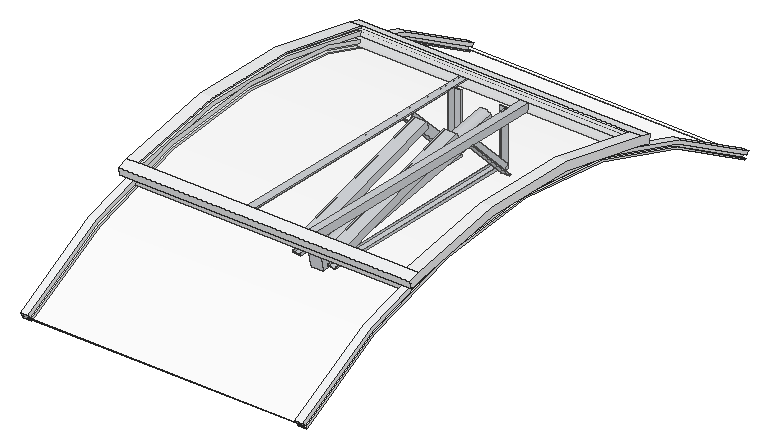
Revit family "Aluco Skylight AIR (pl)", category Modele ogólne, Revit 2020
Family settings
  Może być obiektem nadrzędnym dla zbrojenia = Nie
  Wymiar okrągłego złącza = Użyj średnicy
  Typ części = Normalny
  Numer OmniClass = 23.60.70.14.11
  Tytuł OmniClass = Smoke Dampers
  Oparty na płaszczyźnie roboczej = Tak
  Zawsze pionowo = Nie
  Tnij formami wycięć po wczytaniu = Tak
  Współdzielony = Nie
  Punkt obliczania pomieszczeń = Nie
Parameters (values of type "z napędem elektrycznym")
  Zasilanie = 230 V
  Wyłączniki krańcowe [instance] = no
  Wysuw siłownika (wariant) [instance] = 1
  Wysuw siłownika [instance] = if([Wysuw siłownika (wariant)] < 2, "300mm", if([Wysuw siłownika (wariant)] < 3, "500mm", "700mm"))  # "300mm"
  Wysokość podstawy [instance] = 300 mm
  Współczynnik przenikania ciepła [instance] = "Do weryfikacji po kontakcie z Producentem"  # constant formula
  Uwaga [instance] = if(or([Rozpiętość klapy (A)] > 2500 mm, [Rozpiętość klapy (A)] < 1000 mm, [Szerokość klapy (B)] > 2500 mm, [Szerokość klapy (B)] < 1000 mm), "Przekroczono zalecane wymiary Producenta", "-")  # "-"
  URL produktu = "https://aluco.com.pl/oferta/swietliki-dachowe/swietliki-lukowe-aluco-skylight-sl/"
  URL = "https://aluco.com.pl/"
  Szerokość klapy (B) [instance] = 1000 mm
  Siatka ochronna przeciw ptakom [instance] = no
  Rozpiętość świetlika [instance] = 2000 mm
  Rozpiętość klapy (A) [instance] = 1000 mm
  Rozpiętość [instance] = "od 1000 mm x 1000 mm do 2500 mm x 2500 mm"  # constant formula
  Rodzaj napędu = "napęd elektryczny"
  Promień gięcia' [instance] = Promień gięcia - 5 mm  # 1745 mm
  Promień gięcia" [instance] = Promień gięcia + Grubość płyty + 13 mm  # 1773 mm
  Promień gięcia [instance] = 175 * Grubość płyty  # 1750 mm
  Profile montażowe [instance] = yes
  Producent = "ALUCO SYSTEM SP. Z O.O"  # constant formula
  Opis = "Klapy do wentylacji codziennej dedykowane do świetlików łukowych"  # constant formula
  Odporność na obciążenie odrywające = "UL 1500"  # constant formula
  Odporność na obciążenie dociskające = "DL 2500"  # constant formula
  Obraz typu = ALUCO SKYLIGHT AIR.png
  Model = "Skylight AIR"  # constant formula
  Materiał płyt = Aluco - poliwęglan
  Materiał profili = Aluco - aluminium
  Kraty antyupadkowe ALUCO SAFETY GRID [instance] = no
  Komentarze do typu = "Klapa wentylacyjna"
  Klasa bezpieczeństwa przed upadkiem z wysokości = "SB 1200"  # constant formula
  Klasa bezpieczeństwa pożarowego = "BRoof (t1)"  # constant formula
  Karta katalogowa [instance] = "https://aluco.com.pl/download/AlucoSkylight.pdf"
  Ilość profili łukowych [instance] = 2  # constant formula
  IfcExportAs = "\"IfcWindowType\""
  Grubość wypełnienia (wariant) [instance] = 1
  Grubość płyty [instance] = if([Grubość wypełnienia (wariant)] < 3, 10 mm, if([Grubość wypełnienia (wariant)] < 5, 16 mm, if([Grubość wypełnienia (wariant)] < 7, 20 mm, if([Grubość wypełnienia (wariant)] < 9, 25 mm, if([Grubość wypełnienia (wariant)] < 11, 20 mm, if([Grubość wypełnienia (wariant)] < 13, 26 mm, 32 mm))))))  # 10 mm
  Wymiar profilu [instance] = Grubość płyty + 2 * 10 mm  # 30 mm
  Default Elevation = 0 mm  # constant formula
Types (2, lengths in mm): name | Zasilanie | Rodzaj napędu
  z napędem elektrycznym | 230 V | "napęd elektryczny"
  z napędem mechanicznym | 0 V | "napęd mechaniczny"
Reference planes
  plane 1 "Środek (Przód/Tył)": y = 0
  plane 2: z = 0
  plane 3 "Środek (Lewa/Prawa)": x = 0
  plane 4: y = -1000
  plane 5: y = 1000
  plane 6: x = -500
  plane 7: y = -2000
  plane 8: y = 2000
  plane 9: x = 500
  plane 10: z = 300
  plane 11: y = -500
  plane 12: y = 500
Forms (mm)
  Extrusion 1, solid, detail levels coarse
    sketch origin (0, 0, 0) x (0, 1, 0) y (0, 0, 1)
      loop
        line (-500, 300) -> (500, 300) -> (500, 596.981)
        arc (500, 596.981) -> (0, 668.859) -> (-500, 596.981) r 1775
        line (-500, 596.981) -> (-500, 300)
    from 500 to -500
  Extrusion 2, solid, material "Aluco - poliwęglan" <- "Materiał płyt", visible <- "Profile montażowe", detail levels medium+fine
    sketch origin (0, 0, 0) x (0, 1, 0) y (0, 0, 1)
      loop
        line (1000, 300) -> (1005.714, 308.207)
        arc (1005.714, 308.207) -> (0, 623.859) -> (-1005.714, 308.207) r 1760
        line (-1005.714, 308.207) -> (-1000, 300)
        arc (-1000, 300) -> (0, 613.859) -> (1000, 300) r 1750
    from 500 to -500
  Extrusion 3, void
    sketch origin (0, 0, 0) x (0, 1, 0) y (0, 0, 1)
      loop
        arc (-976.524, 310.035) -> (0, 608.859) -> (976.524, 310.035) r 1745
        line (976.524, 310.035) -> (992.526, 333.016)
        arc (992.526, 333.016) -> (0, 636.859) -> (-992.526, 333.016) r 1773
        line (-992.526, 333.016) -> (-976.524, 310.035)
    from 500 to -500
  Extrusion 4, solid, material "Aluco - krata antyupadkowa", visible <- "Kraty antyupadkowe ALUCO SAFETY GRID", detail levels medium+fine
    sketch origin (4267.2, -1436.636, 300) x (0, -1, 0) y (1, 0, 0)
      loop
        line (-2436.636, -4753.2) -> (-436.636, -4753.2) -> (-436.636, -3781.2) -> (-2436.636, -3781.2) -> (-2436.636, -4753.2)
    from -20 to 0
Lines and regions (mm)
  reference lines
    curve 1: line (-500, 1000, 0) -> (-500, -1000, 0)
    curve 2: line (-500, -1000, 0) -> (1400, -1000, 0)
    curve 3: line (497.5, 1000, 0) -> (-500, 1000, 0)
    curve 4: line (0, 1000, 0) -> (10, 1000, 0)
    curve 5: line (10, -1000, 0) -> (0, -1000, 0)
    curve 6: line (0, -1000, 0) -> (0, 1000, 0)
    curve 7: line (495, 0, 298.5) -> (505, 0, 298.5)
    curve 8: line (502.5, 500, -1136.141) -> (502.5, -500, -1136.141)
    curve 9: line (502.5, 0, -1136.141) -> (502.5, -500, 564.897)
    curve 10: line (502.5, 0, -1136.141) -> (502.5, 500, 564.897)
    curve 13: line (0, -500, 564.897) -> (0, 500, 564.897)
  symbolic lines, detail levels coarse
    curve 11: line (500, 1000, 0) -> (500, -1000, 0)
    curve 12: line (-500, -1000, 0) -> (-500, 1000, 0)
  model lines, detail levels coarse
    curve 14: line (-500, 500, 564.897) -> (500, 500, 564.897)
    curve 15: line (-500, -500, 564.897) -> (-500, 500, 564.897)
    curve 16: line (500, -500, 564.897) -> (-500, -500, 564.897)
    curve 17: line (500, 500, 564.897) -> (500, -500, 564.897)
Dimensions and locks
  equal spacing: plane 4, plane 1 "Środek (Przód/Tył)", plane 5
  equal spacing: plane 8, plane 1 "Środek (Przód/Tył)", plane 7
  "Rozpiętość świetlika": plane 4 to plane 5
  plane 5 to curve 3 = 0 mm
  "Wysokość podstawy": plane 10 to level
  plane 10 to curve 7 = 1.5 mm
  equal spacing: plane 11, plane 1 "Środek (Przód/Tył)", plane 12
  "Rozpiętość klapy (A)": plane 11 to plane 12
  equal spacing: plane 6, plane 3 "Środek (Lewa/Prawa)", plane 9
  "Promień gięcia"": curve 10 to curve 10
  "Promień gięcia"": curve 9 to curve 9
  "Szerokość klapy (B)": plane 6 to plane 9
  locked: Extrusion 2 to Extrusion 3 sketch curve at 25  (x2)
  locked: plane 1 "Środek (Przód/Tył)" to curve 8 (angle 90.00°)
  aligned and locked: level to plane 2
  aligned and locked: plane 10 to nested 1
  aligned and locked: plane 10 to nested 2
  aligned and locked: plane 6 to nested 2
  aligned and locked: plane 9 to nested 1
  aligned and locked: plane 11 to curve 9
  aligned and locked: plane 1 "Środek (Przód/Tył)" to curve 10
  aligned and locked: curve 8 to curve 10
  aligned and locked: plane 12 to curve 10
  aligned and locked: nested 3 to curve 9
  aligned and locked: curve 10 to nested 4
  aligned and locked: plane 3 "Środek (Lewa/Prawa)" to nested 4
  aligned and locked: plane 6 to nested 5
  aligned and locked: plane 11 to nested 5
  aligned and locked: nested 3 to plane 3 "Środek (Lewa/Prawa)"
  aligned and locked: plane 5 to curve 11
  aligned and locked: curve 12 to plane 5
  aligned and locked: plane 4 to curve 11
  aligned and locked: plane 4 to curve 12
  aligned and locked: curve 11 to plane 9
  aligned and locked: curve 13 to curve 9
  aligned and locked: nested 6 to plane 12
  aligned and locked: Extrusion 1 sketch curve to plane 10
  aligned and locked: Extrusion 1 sketch curve to plane 11
  aligned and locked: Extrusion 1 sketch curve to plane 12
  aligned and locked: Extrusion 1 sketch curve to nested 5
  aligned and locked: plane 9 to Extrusion 1
  aligned and locked: Extrusion 1 to plane 6
  aligned and locked: curve 14 to plane 12
  aligned and locked: plane 11 to curve 16
  aligned and locked: curve 17 to plane 9
  aligned and locked: plane 6 to curve 12
  aligned and locked: plane 6 to curve 15
  aligned and locked: nested 2 to Extrusion 2 sketch curve  (x2)
  aligned and locked: Extrusion 2 sketch curve to nested 2  (x2)
  aligned and locked: Extrusion 2 to plane 6
  aligned and locked: plane 9 to Extrusion 2
  aligned and locked: Extrusion 3 sketch curve to nested 1  (x2)
  aligned and locked: plane 9 to Extrusion 3
  aligned and locked: Extrusion 3 to plane 6
  aligned and locked: nested 2 to Extrusion 4 sketch curve
  aligned and locked: nested 1 to Extrusion 4 sketch curve
  aligned and locked: Extrusion 4 sketch curve to plane 5
  aligned and locked: Extrusion 4 sketch curve to plane 4
Automatic sketch dimensions
  curve 7 to plane 9 = 5 mm
  plane 9 to curve 7 = 5 mm
  curve 1 to plane 6 = 0 mm
  curve 5 to plane 3 "Środek (Lewa/Prawa)" = 0 mm
  plane 3 "Środek (Lewa/Prawa)" to curve 5 = 10 mm
  plane 3 "Środek (Lewa/Prawa)" to curve 4 = 10 mm
  curve 3 to plane 9 = 2.5 mm
  plane 9 to curve 2 = 900 mm
  plane 5 to curve 4 = 0 mm
  curve 6 to plane 4 = 0 mm
  curve 1 to plane 4 = 0 mm
  curve 13 to plane 11 = 0 mm
  curve 13 to plane 12 = 0 mm
Nested families
  nested 1: "Profil łukowy" at (500, 0, 300), Rozpiętość otworu <- "Rozpiętość świetlika", Materiał <- "Materiał profili", visible <- "Profile montażowe", Grubość wypełnienia (wariant) <- "Grubość wypełnienia (wariant)", type "Profil łukowy", detail levels medium+fine
    with Zwężenie otworu (rozpiętość) 0 mm, Rozpiętość świetlika 2000 mm, Rozpiętość otworu 2000 mm, Przestrzeń na izolację termiczną 0 mm, Promień gięcia 1750 mm, Materiał Aluco - aluminium, Grubość wypełnienia (wariant) 1, Grubość płyty 10 mm, Grubość profilu 17 mm
  nested 2: "Profil łukowy" at (-500, 0, 300), Rozpiętość otworu <- "Rozpiętość świetlika", Materiał <- "Materiał profili", visible <- "Profile montażowe", Grubość wypełnienia (wariant) <- "Grubość wypełnienia (wariant)", type "Profil łukowy", detail levels medium+fine
    with Zwężenie otworu (rozpiętość) 0 mm, Rozpiętość świetlika 2000 mm, Rozpiętość otworu 2000 mm, Przestrzeń na izolację termiczną 0 mm, Promień gięcia 1750 mm, Materiał Aluco - aluminium, Grubość wypełnienia (wariant) 1, Grubość płyty 10 mm, Grubość profilu 17 mm
  nested 3: "Profil prosty" at (0, -500, 564.897) x (0, -0.9594, -0.282) z (0, -0.282, 0.9594), Materiał <- "Materiał profili", Szerokość profilu <- "Wymiar profilu", Wyskość profilu <- "Wymiar profilu", Długość profilu <- "Szerokość klapy (B)", type "Profil prosty", detail levels medium+fine
    with Wyskość profilu 30 mm, Szerokość profilu 30 mm, Materiał Aluco - aluminium, Długość profilu 1000 mm
  nested 4: "Profil prosty" at (0, 500, 564.897) x (0, 0.9594, -0.282) z (0, 0.282, 0.9594), Materiał <- "Materiał profili", Szerokość profilu <- "Wymiar profilu", Wyskość profilu <- "Wymiar profilu", Długość profilu <- "Szerokość klapy (B)", type "Profil prosty", detail levels medium+fine
    with Wyskość profilu 30 mm, Szerokość profilu 30 mm, Materiał Aluco - aluminium, Długość profilu 1000 mm
  nested 5: "Klapa" at (-500, 0, 330), Rozpiętość klapy <- "Rozpiętość klapy (A)", Szerokość klapy <- "Szerokość klapy (B)", built-in parameter 1001364 <- "Wymiar profilu", Grubość profilu <- "Wymiar profilu", Materiał profili <- "Materiał profili", Materiał płyty <- "Materiał płyt", Rozpiętość świetlika <- "Rozpiętość świetlika", Grubość wypełnienia (wariant) <- "Grubość wypełnienia (wariant)", type "Klapa", detail levels medium+fine
    with Szerokość klapy 1000 mm, Rozpiętość świetlika 2000 mm, Rozpiętość klapy 1000 mm, Promień gięcia 1750 mm, Materiał płyty Aluco - poliwęglan, Materiał profili Aluco - aluminium, Grubość wypełnienia (wariant) 1, Grubość płyty 10 mm, Grubość profilu' 41.5 mm, Grubość profilu 30 mm
  nested 6: "Siłownik klapy jednoskrzydłowej zamkniętej" at (0, 500, 564.897) x (0, -1, 0) z (0, 0, 1), Długość prowadnic <- "Rozpiętość klapy (A)", type "Siłownik klapy jednoskrzydłowej zamkniętej", detail levels fine
    with Długość prowadnic 1000 mm
Definition of nested family "Profil łukowy"
  Parameters (values of type "Profil łukowy")
    Zwężenie otworu (rozpiętość) [instance] = 200 mm
    Define Thermal Properties by = 1
    Rozpiętość świetlika [instance] = if(Rozpiętość otworu - 2 * [Zwężenie otworu (rozpiętość)] + 2 * Przestrzeń na izolację termiczną < 1500 mm, 1500 mm, if(Rozpiętość otworu - 2 * [Zwężenie otworu (rozpiętość)] + 2 * Przestrzeń na izolację termiczną > 6200 mm, 6200 mm, Rozpiętość otworu - 2 * [Zwężenie otworu (rozpiętość)] + 2 * Przestrzeń na izolację termiczną))  # 1500 mm
    Rozpiętość otworu [instance] = 1000 mm
    Przestrzeń na izolację termiczną [instance] = 150 mm
    Promień gięcia [instance] = 175 * Grubość płyty  # 1750 mm
    Materiał [instance] = none
    Analytic Construction = "<Brak>"
    Grubość wypełnienia (wariant) [instance] = 1
    Grubość płyty [instance] = if([Grubość wypełnienia (wariant)] < 3, 10 mm, if([Grubość wypełnienia (wariant)] < 5, 16 mm, if([Grubość wypełnienia (wariant)] < 7, 20 mm, if([Grubość wypełnienia (wariant)] < 9, 25 mm, if([Grubość wypełnienia (wariant)] < 11, 20 mm, if([Grubość wypełnienia (wariant)] < 13, 26 mm, 32 mm))))))  # 10 mm
    Grubość profilu [instance] = Grubość płyty + 7 mm  # 17 mm
    Default Elevation = 0 mm
  Reference planes
    plane 1 "Środek (Przód/Tył)": y = 0
    plane 2: z = 0
    plane 3 "Środek (Lewa/Prawa)": x = 0
    plane 4: y = -500
    plane 5: y = 500
    plane 6: y = -750
    plane 7: y = 750
    plane 8: z = 0
  Forms (mm)
    Extrusion 1, solid, not visible
      sketch origin (0, 0, 0) x (0, 1, 0) y (0, 0, 1)
        loop
          line (-750, 0) -> (750, 0)
          arc (750, 0) -> (0, 168.861) -> (-750, 0) r 1750
      from 14 to -14
    Sweep 2, solid, material <- "Materiał"
      path in 3D
        loop
          arc (0, -750, 0) -> (0, 0, 168.861) -> (0, 750, 0) r 1750
      profile origin (0, 0, 168.861) x (0, 0, 1) y (1, 0, 0)
        loop
          line (0, -14) -> (0, -2.5) -> (10, -2.5) -> (10, -14) -> (23, -14) -> (23, 14) -> (10, 14) -> (10, 2.5) -> (0, 2.5) -> (0, 14) -> (-5, 14) -> (-5, -14) -> (0, -14)
  Lines and regions (mm)
    reference lines
      curve 1: line (-150, -650, 0) -> (6150, -650, 0)
      curve 2: line (6150, 650, 0) -> (-150, 650, 0)
      curve 3: line (500, 600, 0) -> (5500, 600, 0)
      curve 4: line (5500, -600, 0) -> (500, -600, 0)
      curve 5: arc (0, -750, 0) -> (0, 0, 168.861) -> (0, 750, 0) r 1750
    sketch lines
      curve 6: arc (0, -750, 0) -> (0, 0, 168.861) -> (0, 750, 0) r 1750
  Dimensions and locks
    equal spacing: plane 4, plane 1 "Środek (Przód/Tył)", plane 5
    equal spacing: plane 7, plane 1 "Środek (Przód/Tył)", plane 6
    "Rozpiętość otworu": plane 4 to plane 5
    "Rozpiętość świetlika": plane 7 to plane 6
    "Przestrzeń na izolację termiczną": plane 5 to curve 2
    "Przestrzeń na izolację termiczną": plane 4 to curve 1
    "Przestrzeń na izolację termiczną": curve 4 to plane 6
    "Przestrzeń na izolację termiczną": curve 3 to plane 7
    "Grubość płyty": Sweep 2 sketch curve to profile plane
    "Promień gięcia": radius of curve 5
    aligned and locked: level to plane 2
    aligned and locked: plane 6 to curve 5
    aligned and locked: plane 8 to curve 5  (x2)
    aligned and locked: plane 7 to curve 5
    aligned and locked: Extrusion 1 sketch curve to curve 5
    aligned and locked: Extrusion 1 sketch curve to plane 8
  Automatic sketch dimensions
    curve 2 to plane 3 "Środek (Lewa/Prawa)" = 150 mm
    curve 1 to plane 3 "Środek (Lewa/Prawa)" = 150 mm
    plane 3 "Środek (Lewa/Prawa)" to curve 3 = 500 mm
    plane 3 "Środek (Lewa/Prawa)" to curve 4 = 500 mm
    curve 3 to curve 3 = 5000 mm
    curve 4 to curve 3 = 0 mm
    curve 3 to curve 2 = 650 mm
    curve 4 to curve 1 = 650 mm
    Sweep 2 sketch curve to profile plane = 0 mm  (x2)
    profile plane to Sweep 2 sketch curve = 5 mm
    Sweep 2 sketch curve to Sweep 2 sketch curve = 0 mm  (x2)
    Sweep 2 sketch curve to Sweep 2 sketch curve = 13 mm
    Sweep 2 sketch curve to profile plane = 14 mm
    Sweep 2 sketch curve to profile plane = 2.5 mm
    profile plane to Sweep 2 sketch curve = 2.5 mm
    Sweep 2 sketch curve to Sweep 2 sketch curve = 11.5 mm  (x2)
Definition of nested family "Profil prosty"
  Parameters (values of type "Profil prosty")
    Define Thermal Properties by = 1
    Wyskość profilu [instance] = 40 mm
    Szerokość profilu [instance] = 40 mm
    Materiał [instance] = none
    Analytic Construction = "<Brak>"
    Długość profilu [instance] = 1000 mm
    Default Elevation = 1219.2 mm
  Reference planes
    plane 1 "Środek (Przód/Tył)": y = 0
    plane 2: z = 0
    plane 3 "Środek (Lewa/Prawa)": x = 0
    plane 4: y = 500
    plane 5: y = -500
    plane 6: x = 40
    plane 7: z = -40
  Forms (mm)
    Extrusion 1, solid
      sketch origin (0, 0, 0) x (1, 0, 0) y (0, 1, 0)
        loop
          line (-1219.2, 1219.2) -> (-1219.2, -1219.2) -> (1219.2, -1219.2) -> (1219.2, 1219.2) -> (-1219.2, 1219.2)
      from 0 to -304.8
    Extrusion 2, solid, material <- "Materiał"
      sketch origin (0, 0, 0) x (1, 0, 0) y (0, 0, 1)
        loop
          line (0, 0) -> (0, -40) -> (40, -40) -> (40, 0) -> (0, 0)
      from 500 to -500
  Dimensions and locks
    equal spacing: plane 4, plane 1 "Środek (Przód/Tył)", plane 5
    "Długość profilu": plane 4 to plane 5
    "Szerokość profilu": plane 6 to plane 3 "Środek (Lewa/Prawa)"
    "Wyskość profilu": level to plane 7
    aligned and locked: plane 2 to Extrusion 1
    aligned and locked: level to Extrusion 1
    aligned and locked: plane 4 to Extrusion 2
    aligned and locked: Extrusion 2 to plane 5
    aligned and locked: Extrusion 2 to plane 7
    aligned and locked: plane 6 to Extrusion 2
  Automatic sketch dimensions
    Extrusion 1 sketch curve to Extrusion 1 sketch curve = 2438.4 mm  (x2)
    Extrusion 2 sketch curve to level = 0 mm
    Extrusion 2 sketch curve to plane 3 "Środek (Lewa/Prawa)" = 0 mm
    plane 3 "Środek (Lewa/Prawa)" to Extrusion 2 sketch curve = 40 mm
    Extrusion 2 sketch curve to level = 40 mm
Definition of nested family "Klapa"
  Parameters (values of type "Klapa")
    Define Thermal Properties by = 1
    Szerokość klapy [instance] = 1000 mm
    Rozpiętość świetlika [instance] = 1500 mm
    Rozpiętość klapy [instance] = 1000 mm
    Promień gięcia [instance] = 175 * Grubość płyty  # 1750 mm
    Materiał płyty [instance] = none
    Materiał profili [instance] = none
    Analytic Construction = "<Brak>"
    Grubość wypełnienia (wariant) [instance] = 1
    Grubość płyty [instance] = if([Grubość wypełnienia (wariant)] < 3, 10 mm, if([Grubość wypełnienia (wariant)] < 5, 16 mm, if([Grubość wypełnienia (wariant)] < 7, 20 mm, if([Grubość wypełnienia (wariant)] < 9, 25 mm, if([Grubość wypełnienia (wariant)] < 11, 20 mm, if([Grubość wypełnienia (wariant)] < 13, 26 mm, 32 mm))))))  # 10 mm
    Grubość profilu' [instance] = Grubość profilu + 11.5 mm  # 41.5 mm
    Grubość profilu [instance] = 30 mm
    Default Elevation = 0 mm
  Reference planes
    plane 1 "Środek (Przód/Tył)": y = 0
    plane 2: z = 0
    plane 3 "Środek (Lewa/Prawa)": x = 0
    plane 4: y = -500
    plane 5: y = 500
    plane 6: y = -750
    plane 7: y = 750
    plane 8: z = 0
    plane 9: x = 1000
    plane 10: x = 500
  Forms (mm)
    Extrusion 1, solid, not visible
      sketch origin (0, 0, 0) x (0, 1, 0) y (0, 0, 1)
        loop
          line (-500, 95.912) -> (-500, 0) -> (500, 0) -> (500, 95.912)
          arc (500, 95.912) -> (0, 168.861) -> (-500, 95.912) r 1750
      from 1000 to 0
    Sweep 2, solid, material <- "Materiał profili", detail levels medium+fine
      path in 3D
        loop
          arc (0, 500, 95.912) -> (0, 0, 168.861) -> (0, -500, 95.912) r 1750
      profile origin (0, 0, 168.861) x (0, 0, 1) y (-1, 0, 0)
        loop
          line (10, -11.5) -> (10, 0) -> (20, 0) -> (20, -11.5) -> (25, -11.5) -> (25, 30) -> (-5, 30) -> (-5, -11.5) -> (10, -11.5)
    Sweep 3, solid, material <- "Materiał profili", detail levels medium+fine
      path in 3D
        loop
          arc (1000, -500, 95.912) -> (1000, 0, 168.861) -> (1000, 500, 95.912) r 1750
      profile origin (1000, 0, 168.861) x (0, 0, 1) y (1, 0, 0)
        loop
          line (10, -11.5) -> (10, 0) -> (20, 0) -> (20, -11.5) -> (25, -11.5) -> (25, 30) -> (-5, 30) -> (-5, -11.5) -> (10, -11.5)
    Sweep 4, solid, material <- "Materiał profili", detail levels medium+fine
      path in 3D
        loop
          line (-30, -498.571, 91.121) -> (608.987, -498.571, 91.121) -> (1030, -498.571, 91.121)
      profile origin (289.494, -498.571, 91.121) x (0, -0.285714, 0.958315) y (0, -0.958315, -0.285714)
        loop
          line (0, 0) -> (30, 0) -> (30, 41.5) -> (0, 41.5) -> (0, 0)
    Sweep 5, solid, material <- "Materiał profili", detail levels medium+fine
      path in 3D
        loop
          line (1030, 498.571, 91.121) -> (493.096, 498.571, 91.121) -> (-30, 498.571, 91.121)
      profile origin (761.548, 498.571, 91.121) x (0, 0.285714, 0.958315) y (0, 0.958315, -0.285714)
        loop
          line (0, 41.5) -> (0, 0) -> (30, 0) -> (30, 41.5) -> (0, 41.5)
    Extrusion 6, solid, material <- "Materiał płyty", detail levels medium+fine
      sketch origin (0, 0, 0) x (0, 1, 0) y (0, 0, 1)
        loop
          line (-505.829, 115.044) -> (-502.914, 105.478)
          arc (-502.914, 105.478) -> (0, 178.861) -> (502.914, 105.478) r 1760
          line (502.914, 105.478) -> (505.829, 115.044)
          arc (505.829, 115.044) -> (0, 188.861) -> (-505.829, 115.044) r 1770
      from 0 to 1000
  Cuts and joins
    joined: Sweep 2, Sweep 3, Sweep 4, Sweep 5
  Lines and regions (mm)
    reference lines
      curve 1: arc (0, -750, 0) -> (0, 0, 168.861) -> (0, 750, 0) r 1750
    sketch lines
      curve 2: arc (0, 500, 95.912) -> (0, 0, 168.861) -> (0, -500, 95.912) r 1750
      curve 3: arc (1000, -500, 95.912) -> (1000, 0, 168.861) -> (1000, 500, 95.912) r 1750
      curve 4: line (-30, -498.571, 91.121) -> (608.987, -498.571, 91.121)
      curve 5: line (608.987, -498.571, 91.121) -> (1030, -498.571, 91.121)
      curve 6: line (1030, 498.571, 91.121) -> (493.096, 498.571, 91.121)
      curve 7: line (493.096, 498.571, 91.121) -> (-30, 498.571, 91.121)
    symbolic lines
      curve 8: line (11.5, -498.571, 0) -> (500, 500, 0)
      curve 9: line (500, 500, 0) -> (988.5, -498.571, 0)
    symbolic lines, detail levels coarse
      curve 10: line (0, 500, 0) -> (1000, 500, 0)
      curve 11: line (0, -500, 0) -> (0, 500, 0)
      curve 12: line (1000, -500, 0) -> (0, -500, 0)
      curve 13: line (1000, 500, 0) -> (1000, -500, 0)
  Dimensions and locks
    equal spacing: plane 4, plane 1 "Środek (Przód/Tył)", plane 5
    equal spacing: plane 7, plane 1 "Środek (Przód/Tył)", plane 6
    "Rozpiętość klapy": plane 4 to plane 5
    "Rozpiętość świetlika": plane 7 to plane 6
    "Szerokość klapy": plane 3 "Środek (Lewa/Prawa)" to plane 9
    "Grubość profilu": Sweep 4 sketch curve to profile plane
    locked: Sweep 3 sketch curve to Sweep 3 sketch curve at 5
    locked: profile plane to Sweep 3 sketch curve at 5
    "Grubość płyty": Sweep 3 sketch curve to Sweep 3 sketch curve
    "Grubość profilu": Sweep 3 sketch curve to Sweep 3 sketch curve
    "Grubość profilu": Sweep 3 sketch curve to profile plane
    "Grubość profilu": Sweep 2 sketch curve to profile plane
    locked: profile plane to Sweep 2 sketch curve at 5
    locked: Sweep 2 sketch curve to Sweep 2 sketch curve at 5
    "Grubość profilu": Sweep 2 sketch curve to Sweep 2 sketch curve
    "Grubość płyty": Sweep 2 sketch curve to Sweep 2 sketch curve
    "Grubość profilu'": Sweep 5 sketch curve to profile plane
    "Grubość profilu": Sweep 5 sketch curve to profile plane
    "Grubość profilu'": Sweep 4 sketch curve to profile plane
    equal spacing: plane 3 "Środek (Lewa/Prawa)", plane 10, plane 9
    "Promień gięcia": radius of curve 1
    aligned and locked: level to plane 2
    aligned and locked: plane 6 to curve 1
    aligned and locked: plane 8 to curve 1  (x2)
    aligned and locked: plane 7 to curve 1
    aligned and locked: Extrusion 1 sketch curve to curve 1
    aligned and locked: Extrusion 1 sketch curve to plane 8
    aligned and locked: plane 4 to Extrusion 1 sketch curve
    aligned and locked: plane 5 to Extrusion 1 sketch curve
    aligned and locked: plane 9 to Extrusion 1
    aligned and locked: Extrusion 6 sketch curve to Sweep 3  (x2)
    aligned and locked: Extrusion 6 to Extrusion 1
    aligned and locked: profile plane to Sweep 5 sketch curve
    aligned and locked: plane 4 to curve 12
    aligned and locked: curve 10 to plane 5
    aligned and locked: curve 13 to plane 9
    aligned and locked: plane 3 "Środek (Lewa/Prawa)" to curve 11
  Automatic sketch dimensions
    Extrusion 6 sketch curve to plane 4 = 2.914 mm
    Extrusion 6 sketch curve to plane 4 = 5.829 mm
    Extrusion 6 sketch curve to plane 5 = 2.914 mm
    Extrusion 6 sketch curve to plane 5 = 5.829 mm
    curve 9 to plane 10 = 0 mm
    plane 4 to curve 8 = 1.429 mm
    plane 3 "Środek (Lewa/Prawa)" to curve 8 = 11.5 mm
    plane 4 to curve 9 = 1.429 mm
    curve 9 to plane 9 = 11.5 mm
    profile plane to Sweep 2 sketch curve = 0 mm
    Sweep 2 sketch curve to profile plane = 11.5 mm  (x2)
    Sweep 3 sketch curve to profile plane = 0 mm
    Sweep 3 sketch curve to profile plane = 11.5 mm  (x2)
    profile plane to Sweep 4 sketch curve = 0 mm  (x2)
    profile plane to Sweep 5 sketch curve = 0 mm
Definition of nested family "Siłownik klapy jednoskrzydłowej zamkniętej"
  Parameters (values of type "Siłownik klapy jednoskrzydłowej zamkniętej")
    Define Thermal Properties by = 1
    Analytic Construction = "<Brak>"
    Długość prowadnic [instance] = 1500 mm
    Default Elevation = 0 mm  # constant formula
  Reference planes
    plane 1 "Środek (Przód/Tył)": y = 0
    plane 2: z = 0
    plane 3 "Środek (Lewa/Prawa)": x = 0
    plane 4: z = -200
    plane 5: y = -125
    plane 6: y = 125
    plane 7: x = 600
    plane 8: x = 1500
    plane 9: y = -98
    plane 10: y = 98
    plane 11: y = -78
    plane 12: y = 78
    plane 13: x = 1500
    plane 14: x = 1464.07
    plane 15: z = -77
    plane 16: z = -250
    plane 17: x = -110
    plane 18: x = 1800
    plane 19: x = 290
    plane 20: x = 60.93
    plane 21: x = 1087.93
    plane 22: x = 41.93
    plane 23: x = 1060.884
    plane 24: x = 265
    plane 25: x = 864.842
  Forms (mm)
    Extrusion 1, solid
      sketch origin (0, 0, 0) x (1, 0, 0) y (0, 1, 0)
        loop
          line (-1219.2, 1219.2) -> (-1219.2, -1219.2) -> (1219.2, -1219.2) -> (1219.2, 1219.2) -> (-1219.2, 1219.2)
      from 0 to -304.8
    Sweep 2, solid, detail levels medium+fine
      path in 3D
        loop
          line (0, -125, 0) -> (1500, -125, 0)
      profile origin (750, -125, 0) x (0, 0, 1) y (0, -1, 0)
        loop
          line (0, -27) -> (0, 0) -> (-27, 0) -> (-27, -3) -> (-3, -3) -> (-3, -27) -> (0, -27)
    Sweep 3, solid, detail levels medium+fine
      path in 3D
        loop
          line (0, 125, 0) -> (1500, 125, 0)
      profile origin (750, 125, 0) x (0, 0, -1) y (0, 1, 0)
        loop
          line (0, -27) -> (3, -27) -> (3, -3) -> (27, -3) -> (27, 0) -> (0, 0) -> (0, -27)
    Sweep 4, solid, detail levels medium+fine
      path origin (73.93, -98, 0) x (1, 0, 0) y (0, 0, 1)
        loop
          line (0, 0) -> (0, -200)
      profile origin (73.93, -98, -100) x (0, -1, 0) y (1, 0, 0)
        loop
          line (-27, -13) -> (0, -13) -> (0, 14) -> (-3, 14) -> (-3, -10) -> (-27, -10) -> (-27, -13)
    Sweep 5, solid, detail levels medium+fine
      path origin (73.93, 98, 0) x (1, 0, 0) y (0, 0, -1)
        loop
          line (0, 0) -> (0, 200)
      profile origin (73.93, 98, -100) x (0, 1, 0) y (-1, 0, 0)
        loop
          line (-27, 13) -> (-27, 10) -> (-3, 10) -> (-3, -14) -> (0, -14) -> (0, 13) -> (-27, 13)
    Sweep 6, solid, detail levels medium+fine
      path in 3D
        loop
          line (87.677, -98.752, -199.873) -> (260.918, -98.752, -26.632)
      profile origin (174.297, -98.752, -113.252) x (-0.707107, 0, 0.707107) y (0, -1, 0)
        loop
          line (29.82, 3) -> (2.82, 3) -> (2.82, 30) -> (-0.18, 30) -> (-0.18, 0) -> (29.82, 0) -> (29.82, 3)
    Sweep 7, solid, detail levels medium+fine
      path in 3D
        loop
          line (87.677, 98, -199.873) -> (260.918, 98, -26.632)
      profile origin (174.297, 98, -113.252) x (0.707107, 0, -0.707107) y (0, 1, 0)
        loop
          line (-29.82, 3) -> (-29.82, 0) -> (0.18, 0) -> (0.18, 30) -> (-2.82, 30) -> (-2.82, 3) -> (-29.82, 3)
    Sweep 8, solid, detail levels medium+fine
      path in 3D
        loop
          line (50.727, 63, -200.156) -> (817.931, 63, -200.156)
      profile origin (434.329, 63, -200.156) x (0, 0, -1) y (0, 1, 0)
        loop
          line (0, 0) -> (0, 15) -> (-8, 15) -> (-8, 13.5) -> (-1.5, 13.5) -> (-1.5, -13.5) -> (-8, -13.5) -> (-8, -15) -> (0, -15) -> (0, 0)
    Sweep 9, solid, detail levels medium+fine
      path in 3D
        loop
          line (87.931, -63, -200.156) -> (817.931, -63, -200.156)
      profile origin (452.931, -63, -200.156) x (0, 0, 1) y (0, -1, 0)
        loop
          line (-0.001, -15) -> (8, -15) -> (8, -13.517) -> (1.5, -13.517) -> (1.5, 13.5) -> (7.999, 13.5) -> (7.999, 15) -> (-0.001, 15) -> (-0.001, -15)
    Sweep 10, solid, detail levels medium+fine
      path in 3D
        loop
          line (41.93, 0, -77) -> (808.69, 0, -207.193)
      profile origin (425.31, 0, -142.096) x (0.1674, 0, 0.985889) y (0, -1, 0)
        loop
          line (-26.036, 0) -> (-26.036, -20) -> (-22.5, -23.536) -> (22.5, -23.536)
          arc (22.5, -23.536) -> (35.498, 0) -> (22.5, 23.536) r 27.807
          line (22.5, 23.536) -> (-22.5, 23.536) -> (-26.036, 20) -> (-26.036, 0)
    Sweep 11, solid, detail levels medium+fine
      path in 3D
        loop
          line (802.089, -54.464, -173.632) -> (265, -54.464, -15.092)
      profile origin (533.545, -54.464, -94.362) x (-0.283108, 0, -0.959088) y (0, -1, 0)
        loop
          line (11.579, -23.536) -> (11.579, -20.536) -> (-12.421, -20.536) -> (-12.421, 20.536) -> (11.579, 20.536) -> (11.579, 23.536) -> (-15.421, 23.536) -> (-15.421, -23.536) -> (11.579, -23.536)
    Sweep 12, solid, detail levels medium+fine
      path in 3D
        loop
          line (802.089, 55.536, -173.632) -> (265, 55.536, -15.092)
      profile origin (533.545, 55.536, -94.362) x (-0.283108, 0, -0.959088) y (0, -1, 0)
        loop
          line (11.579, -23.536) -> (11.579, -20.536) -> (-12.421, -20.536) -> (-12.421, 20.536) -> (11.579, 20.536) -> (11.579, 23.536) -> (-15.421, 23.536) -> (-15.421, -23.536) -> (11.579, -23.536)
  Lines and regions (mm)
    reference lines
      curve 1: line (0, -125, 0) -> (1500, -125, 0)
      curve 2: line (0, 125, 0) -> (1500, 125, 0)
      curve 9: line (41.93, 0, -77) -> (1060.8, 0, -250)
      curve 11: line (864.842, -54.464, -192.156) -> (265, -54.464, -15.092)
      curve 13: line (864.842, 55.536, -192.156) -> (265, 55.536, -15.092)
    sketch lines
      curve 3: line (0, -125, 0) -> (1500, -125, 0)
      curve 4: line (0, 125, 0) -> (1500, 125, 0)
      curve 5: line (87.677, -98.752, -199.873) -> (260.918, -98.752, -26.632)
      curve 6: line (87.677, 98, -199.873) -> (260.918, 98, -26.632)
      curve 7: line (50.727, 63, -200.156) -> (817.931, 63, -200.156)
      curve 8: line (87.931, -63, -200.156) -> (817.931, -63, -200.156)
      curve 10: line (41.93, 0, -77) -> (808.69, 0, -207.193)
      curve 12: line (802.089, -54.464, -173.632) -> (265, -54.464, -15.092)
      curve 14: line (802.089, 55.536, -173.632) -> (265, 55.536, -15.092)
  Dimensions and locks
    "Długość prowadnic": plane 8 to plane 3 "Środek (Lewa/Prawa)"
    locked: plane 2 to plane 4 at 200
    equal spacing: plane 5, plane 1 "Środek (Przód/Tył)", plane 6
    locked: plane 5 to plane 6 at 250
    locked: plane 9 to plane 11 at 20
    locked: plane 12 to plane 10 at 20
    equal spacing: plane 11, plane 1 "Środek (Przód/Tył)", plane 12, locked at 78 each
    plane 17 to plane 19 = 400 mm
    aligned and locked: plane 2 to Extrusion 1
    aligned and locked: level to Extrusion 1
    aligned and locked: plane 5 to curve 1
    aligned and locked: plane 20 to Sweep 5
    aligned and locked: plane 20 to Sweep 4
    aligned and locked: plane 22 to curve 9
    aligned and locked: plane 24 to curve 11
    aligned and locked: curve 11 to Sweep 9
  Automatic sketch dimensions
    Extrusion 1 sketch curve to Extrusion 1 sketch curve = 2438.4 mm  (x2)
    curve 9 to plane 16 = 0 mm
    curve 9 to plane 15 = 0 mm
    plane 23 to curve 9 = 0.084 mm
    curve 1 to level = 0 mm
    curve 1 to plane 3 "Środek (Lewa/Prawa)" = 0 mm
    plane 8 to curve 1 = 0 mm
    curve 2 to level = 0 mm
    curve 2 to plane 3 "Środek (Lewa/Prawa)" = 0 mm
    plane 8 to curve 2 = 0 mm
    Sweep 2 sketch curve to profile plane = 0 mm
    profile plane to Sweep 2 sketch curve = 0 mm
    Sweep 2 sketch curve to Sweep 2 sketch curve = 3 mm
    Sweep 2 sketch curve to profile plane = 3 mm
    Sweep 2 sketch curve to Sweep 2 sketch curve = 24 mm  (x2)
    Sweep 3 sketch curve to profile plane = 0 mm  (x2)
    Sweep 3 sketch curve to Sweep 3 sketch curve = 3 mm  (x2)
    Sweep 3 sketch curve to Sweep 3 sketch curve = 24 mm  (x2)
    plane 25 to curve 11 = 0 mm
    plane 4 to curve 11 = 7.844 mm
    curve 11 to level = 15.092 mm
    plane 24 to curve 13 = 0 mm
    plane 25 to curve 13 = 0 mm
    plane 4 to curve 13 = 7.844 mm
    curve 13 to level = 15.092 mm
    Sweep 4 sketch curve to plane 4 = 0 mm
    Sweep 4 sketch curve to level = 0 mm
    Sweep 4 sketch curve to plane 20 = 13 mm
    profile plane to Sweep 4 sketch curve = 0 mm
    Sweep 4 sketch curve to profile plane = 3 mm
    Sweep 4 sketch curve to Sweep 4 sketch curve = 24 mm
    profile plane to Sweep 4 sketch curve = 13 mm
    Sweep 4 sketch curve to Sweep 4 sketch curve = 3 mm
    Sweep 4 sketch curve to profile plane = 14 mm
    Sweep 5 sketch curve to plane 4 = 0 mm
    Sweep 5 sketch curve to level = 0 mm
    Sweep 5 sketch curve to plane 20 = 13 mm
    Sweep 5 sketch curve to profile plane = 0 mm
    Sweep 5 sketch curve to profile plane = 3 mm
    Sweep 5 sketch curve to Sweep 5 sketch curve = 24 mm
    profile plane to Sweep 5 sketch curve = 14 mm
    Sweep 5 sketch curve to profile plane = 10 mm
    Sweep 5 sketch curve to Sweep 5 sketch curve = 3 mm
    profile plane to Sweep 6 sketch curve = 0 mm
    profile plane to Sweep 6 sketch curve = 0.18 mm
    Sweep 6 sketch curve to profile plane = 2.82 mm
    Sweep 6 sketch curve to Sweep 6 sketch curve = 27 mm  (x2)
    Sweep 6 sketch curve to Sweep 6 sketch curve = 3 mm
    Sweep 7 sketch curve to profile plane = 0 mm
    profile plane to Sweep 7 sketch curve = 3 mm
    profile plane to Sweep 7 sketch curve = 29.82 mm
    profile plane to Sweep 7 sketch curve = 2.82 mm
    Sweep 7 sketch curve to profile plane = 0.18 mm
    Sweep 7 sketch curve to Sweep 7 sketch curve = 27 mm
    Sweep 8 sketch curve to profile plane = 0 mm  (x2)
    profile plane to Sweep 8 sketch curve = 1.5 mm
    Sweep 8 sketch curve to Sweep 8 sketch curve = 6.5 mm  (x2)
    Sweep 8 sketch curve to profile plane = 13.5 mm
    Sweep 8 sketch curve to Sweep 8 sketch curve = 1.5 mm  (x2)
    profile plane to Sweep 8 sketch curve = 13.5 mm
    profile plane to Sweep 9 sketch curve = 0.001 mm
    Sweep 9 sketch curve to profile plane = 1.5 mm
    Sweep 9 sketch curve to Sweep 9 sketch curve = 6.499 mm
    Sweep 9 sketch curve to Sweep 9 sketch curve = 6.5 mm
    Sweep 9 sketch curve to profile plane = 15 mm
    Sweep 9 sketch curve to Sweep 9 sketch curve = 1.483 mm
    profile plane to Sweep 9 sketch curve = 13.5 mm
    Sweep 9 sketch curve to Sweep 9 sketch curve = 1.5 mm
    Sweep 10 sketch curve to profile plane = 0 mm  (x2)
    profile plane to Sweep 10 sketch curve = 26.036 mm
    Sweep 10 sketch curve to Sweep 10 sketch curve = 3.536 mm  (x4)
    Sweep 10 sketch curve to profile plane = 7.692 mm
    Sweep 10 sketch curve to profile plane = 22.5 mm  (x2)
    Sweep 10 sketch curve to Sweep 10 sketch curve = 20 mm
    profile plane to Sweep 11 sketch curve = 15.421 mm
    Sweep 11 sketch curve to Sweep 11 sketch curve = 3 mm  (x3)
    Sweep 11 sketch curve to profile plane = 11.579 mm  (x2)
    Sweep 11 sketch curve to profile plane = 23.536 mm
    profile plane to Sweep 11 sketch curve = 20.536 mm
    profile plane to Sweep 12 sketch curve = 15.421 mm
    Sweep 12 sketch curve to Sweep 12 sketch curve = 3 mm  (x3)
    Sweep 12 sketch curve to profile plane = 11.579 mm  (x2)
    Sweep 12 sketch curve to profile plane = 23.536 mm
    profile plane to Sweep 12 sketch curve = 20.536 mm
